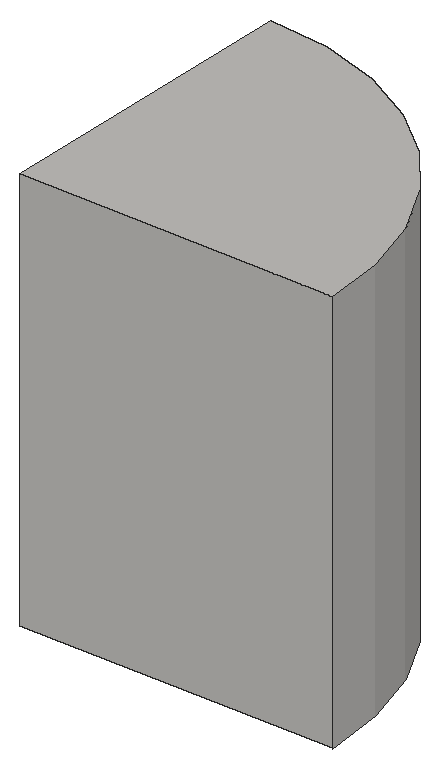
Revit family "Bench_Curved_Noble", category Specialty Equipment, host Face, Revit 2014
Parameters (values of type "Curved #406")
  Width = 32 1/2"
  URL = "www.noblecompany.com"
  Type Comments = ""
  Triangle = yes
  Tile [instance] = Stainless Steel - Brushed
  Radius = 15 1/2"
  Product Properties = "http://www.noblecompany.com/Portals/0/PRODUCT%20INFO/Product%20Descriptions/FreeStyle%20Linear%20Drain%20Product%20Decription%200410.pdf"
  Product Data = "http://www.noblecompany.com/Products/ShowerProducts/tabid/59/Default.aspx"
  Model = ""
  Manufacturer Phone - Toll Free = "800-878-5788"
  Manufacturer Phone = "231-799-8000"
  Manufacturer Fax = "231-799-8850"
  Manufacturer Email = "mailto:sales@noblecompany.com"
  Manufacturer Address = "7300 Enterprise Drive, Spring Lake, MI  49456 USA"
  Manufacturer = "Noble Company"
  Length = 32 1/2"
  Installation-Fabrication = "http://www.noblecompany.com/Portals/0/PRODUCT%20INFO/Product%20Descriptions/FreeStyle%20Linear%20Drain%20Product%20Decription%200410.pdf"
  Height = 20"
  Description = ""
  Building Codes = "http://www.noblecompany.com/Portals/0/TECHNICAL%20INFO/Listing_Testing_Certification_Reports/PMG-1065%20Noble%20Company%20Linear%20Drain%20final%202.pdf"
  Base = Polymer coated Expanded Polystyrene
  Assembly Code = "D2030300"
  Default Elevation = 0"
Reference planes (in)
  plane 1 "Center (Front/Back)": y = 0
  plane 2: z = 0
  plane 3 "Center (Left/Right)": x = 0
  plane 4: x = 15.5
  plane 5: y = 15.5
  plane 6: z = 20
Forms (in)
  Extrusion 1, solid, material "Polymer coated Expanded Polystyrene" <- "Base"
    sketch origin (0, 0, 0) x (1, 0, 0) y (0, 1, 0)
      loop
        line (0, 0) -> (15.5, 0)
        arc (15.5, 0) -> (10.96016, 10.96016) -> (0, 15.5) r 15.5
        line (0, 15.5) -> (0, 0)
    from 0 to 20
Dimensions and locks (in)
  "Height": plane 6 to level
  "Radius": plane 1 "Center (Front/Back)" to plane 5
  "Radius": plane 3 "Center (Left/Right)" to plane 4
  aligned and locked: plane 2 to host face
  aligned and locked: level to host face
  aligned and locked: plane 1 "Center (Front/Back)" to Extrusion 1 sketch curve
  aligned and locked: plane 6 to Extrusion 1
Automatic sketch dimensions
  host sketch curve to host sketch curve = 56 1/2"
  host sketch curve to host sketch curve = 49.54642"
  Extrusion 1 sketch curve to plane 3 "Center (Left/Right)" = 0"
  Extrusion 1 sketch curve to plane 4 = 0"
